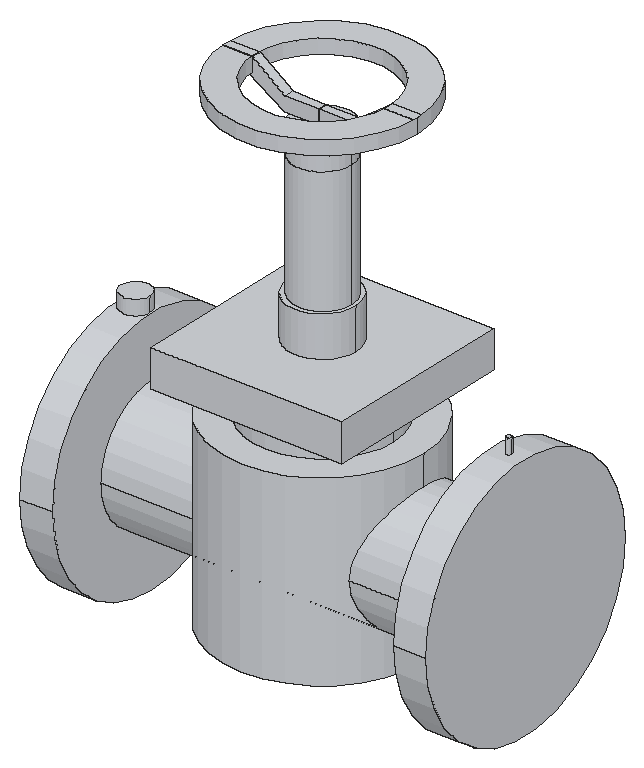
Revit family "Sigma_Compact_DN300-HF_PN16_RFA_2018", category Pipe Accessories, Revit 2018
Family settings
  Round Connector Dimension = Use Diameter
  Part Type = Valve - Breaks Into
  Work Plane-Based = No
  Always vertical = Yes
  Cut with Voids When Loaded = No
  Shared = No
Parameters (values of type "Sigma Compact DN 300 HF PN16")
  magiProductId = "f903017b03a74a7ebca8b59c0516bf"
  magiProductFamilyId = "01495da7eb234de3883c6bc9c8853e"
  magiPartTypeId = 304
  isMeasuringValve [instance] = no
  ang2D [instance] = 0.00°
  W2D = 50 mm
  VersionID = "2.0/2018.12.13.2/FRESE_SIGMA_C_BIG_Q13_001"
  Use Minimum Symbol Size [instance] = no
  URL = "www.hydronix.cz"
  Type Comments = "přírubový; PN16; max dp=800kPa; 0~+110°C; max uzavírací tlak 1MPa"
  R4 = 148.75 mm
  R3 = 135.2 mm
  R1 = 212.5 mm
  QmdConnectorList = "301;D;302;D"
  Productdata [instance] = ""
  Manufacturer = "Hydronix"
  Maintenance Zone Under Depth [instance] = 100 mm
  Maintenance Zone Right Depth [instance] = 100 mm
  Maintenance Zone Over Depth [instance] = 100 mm
  Maintenance Zone Left Depth [instance] = 100 mm
  Maintenance Zone Front Depth [instance] = 100 mm
  Maintenance Zone Back Depth [instance] = 100 mm
  Maintenance Zone Front Visibility [instance] = no
  MC Use Limits From Balancing Method = no
  MC Throttling Minimum Value = 0
  MC Throttling Maximum Value = 0
  MC Product Code = "53-2418 DN300; PN16; (245000-600000 l/h); kvs=717"
  MC Pressure Drop Minimum Value = 0.0 Pa
  MC Pressure Drop Maximum Value = 0.0 Pa
  MC Piping Given Pressure Drop [instance] = 0.0 Pa
  LF__ve = -LF  # -68 mm
  LF2 = 34 mm
  LF = 68 mm
  L432 = 69.912 mm
  L43 = 139.825 mm
  L42 = 199.75 mm
  L4 = 399.5 mm
  L3 = 714 mm
  L2D_Min = 30.48 mm
  L2D = 230 mm
  L2 = 425 mm
  HH12 = 29 mm
  HH1 = 58 mm
  HDF__ve = -HDF  # -424 mm
  HDF = 424 mm
  H6 = 85 mm
  H4 = 78 mm
  H3 = 65 mm
  H2 = 195 mm
  H11 = 390 mm
  H1 = 1082 mm
  H = 944 mm
  Description = "Automatický vyvažovací ventil"
  DF2 = 260 mm
  D = 300 mm
  Clearance Zone Height Depth [instance] = 100 mm
  Clearance Zone Circular Radius [instance] = 425 mm
  Clearance Zone Visibility [instance] = no
  CAT0 = yes
Types (9, lengths in mm): name | magiProductId | Type Comments | R4 | R3 | R1 | MC Product Code | LF__ve | LF2 | LF | L432 | L43 | L42 | L4 | L3 | L2 | HH12 | HH1 | HDF__ve | HDF | H4 | H3 | H2 | H11 | H1 | H | DF2 | D | Clearance Zone Circular Radius
  Sigma Compact DN 050 HF PN16 | "68e8ec0e285d475ea5c3f8787337ca" | "přírubový; PN16; max dp=800kPa; 0~+120°C; max uzavírací tlak 1MPa" | 40.25 | 42.9 | 57.5 | "53-2410 DN50; PN16; (3920-24000 l/h); kvs=34" | -18.4 | 9.2 | 18.4 | 18.917 | 37.835 | 54.05 | 108.1 | 193.2 | 115 | 16.5 | 33 | -202 | 202 | 24.75 | 20.625 | 61.875 | 123.75 | 480 | 367 | 82.5 | 50 | 115
  Sigma Compact DN 065 HF PN16 | "93d22af618bf47d6be13ef3bd41a97" | "přírubový; PN16; max dp=800kPa; 0~+120°C; max uzavírací tlak 1MPa" | 50.75 | 48.1 | 72.5 | "53-2411 DN65; PN16; (5950-35000 l/h); kvs=47" | -23.2 | 11.6 | 23.2 | 23.853 | 47.705 | 68.15 | 136.3 | 243.6 | 145 | 16.5 | 33 | -199 | 199 | 27.75 | 23.125 | 69.375 | 138.75 | 497 | 384 | 92.5 | 65 | 145
  Sigma Compact DN 080 HF PN16 | "30d16928369c437789493110503824" | "přírubový; PN16; max dp=800kPa; 0~+120°C; max uzavírací tlak 1MPa" | 54.25 | 52 | 77.5 | "53-2412 DN80; PN16; (7020-43000 l/h); kvs=61" | -24.8 | 12.4 | 24.8 | 25.497 | 50.995 | 72.85 | 145.7 | 260.4 | 155 | 16.5 | 33 | -213 | 213 | 30 | 25 | 75 | 150 | 526 | 413 | 100 | 80 | 155
  Sigma Compact DN 100 HF PN16 | "cbc2fc0a341c4a2b87b0bcbf79c376" | "přírubový; PN16; max dp=800kPa; 0~+120°C; max uzavírací tlak 1MPa" | 61.25 | 61.1 | 87.5 | "53-2413 DN100; PN16; (14800-90000 l/h); kvs=104" | -28 | 14 | 28 | 28.788 | 57.575 | 82.25 | 164.5 | 294 | 175 | 34 | 68 | -331 | 331 | 35.25 | 29.375 | 88.125 | 176.25 | 714 | 566 | 117.5 | 100 | 175
  Sigma Compact DN 125 HF PN16 | "02452206f7594718b3d97e4e693144" | "přírubový; PN16; max dp=800kPa; 0~+120°C; max uzavírací tlak 1MPa" | 70 | 70.2 | 100 | "53-2414 DN125; PN16; (23000-135000 l/h); kvs=185" | -32 | 16 | 32 | 32.9 | 65.8 | 94 | 188 | 336 | 200 | 36.5 | 73 | -338 | 338 | 40.5 | 33.75 | 101.25 | 202.5 | 761 | 608 | 135 | 125 | 200
  Sigma Compact DN 150 HF PN16 | "2e5d0064e2dd45fa818d7fb779c9a5" | "přírubový; PN16; max dp=800kPa; 0~+110°C; max uzavírací tlak 1MPa" | 84 | 74.1 | 120 | "53-2415 DN150; PN16; (32000-195000 l/h); kvs=242" | -38.4 | 19.2 | 38.4 | 39.48 | 78.96 | 112.8 | 225.6 | 403.2 | 240 | 13 | 26 | -391 | 391 | 42.75 | 35.625 | 106.875 | 213.75 | 782 | 676 | 142.5 | 150 | 240
  Sigma Compact DN 200 HF PN16 | "9690c155034b41f3a54554dedb5edf" | "přírubový; PN16; max dp=800kPa; 0~+110°C; max uzavírací tlak 1MPa" | 105 | 98.8 | 150 | "53-2416 DN200; PN16; (130000-280000 l/h); kvs=317" | -48 | 24 | 48 | 49.35 | 98.7 | 141 | 282 | 504 | 300 | 29.5 | 59 | -334 | 334 | 57 | 47.5 | 142.5 | 285 | 853 | 714 | 190 | 200 | 300
  Sigma Compact DN 250 HF PN16 | "baee3668eb0d4f168225ec1ed946f7" | "přírubový; PN16; max dp=800kPa; 0~+110°C; max uzavírací tlak 1MPa" | 127.75 | 115.44 | 182.5 | "53-2417 DN250; PN16; (245000-600000 l/h); kvs=717" | -58.4 | 29.2 | 58.4 | 60.042 | 120.085 | 171.55 | 343.1 | 613.2 | 365 | 29 | 58 | -462 | 462 | 66.6 | 55.5 | 166.5 | 333 | 1044 | 906 | 222 | 250 | 365
  Sigma Compact DN 300 HF PN16 | "f903017b03a74a7ebca8b59c0516bf" | "přírubový; PN16; max dp=800kPa; 0~+110°C; max uzavírací tlak 1MPa" | 148.75 | 135.2 | 212.5 | "53-2418 DN300; PN16; (245000-600000 l/h); kvs=717" | -68 | 34 | 68 | 69.912 | 139.825 | 199.75 | 399.5 | 714 | 425 | 29 | 58 | -424 | 424 | 78 | 65 | 195 | 390 | 1082 | 944 | 260 | 300 | 425
Reference planes
  plane 1 "Center (Front/Back)": y = 0
  plane 2 "XYPLANE": z = 0
  plane 3 "Center (Left/Right)": x = 0
  plane 4 "298": y = -360
  plane 5 "297": y = 360
  plane 6 "296": y = -260
  plane 7 "295": y = 260
  plane 8 "294": z = -360
  plane 9 "293": z = 922
  plane 10 "292": x = -525
  plane 11 "291": x = 525
  plane 12 "290": z = 922
  plane 13 "256": y = -20
  plane 14 "254": z = 703
  plane 15 "253": z = 713
  plane 16 "252": x = -40
  plane 17 "251": x = -30
  plane 18 "250": x = 40
  plane 19 "249": x = 30
  plane 20 "247": z = 423
  plane 21 "244": z = 684
  plane 22 "243": x = 199.75
  plane 23 "242": x = 139.825
  plane 24 "241": x = 69.912
  plane 25 "240": y = -10
  plane 26 "238": x = -69.912
  plane 27 "237": x = -139.825
  plane 28 "236": z = 742
  plane 29 "235": z = 772
  plane 30 "234": x = -199.75
  plane 31 "225": z = 822
  plane 32 "224": z = -260
  plane 33 "157": x = 391
  plane 34 "156": x = -391
  plane 35 "155": z = 260
  plane 36 "154": z = 338
  plane 37 "153": z = 260
  plane 38 "152": z = 195
  plane 39 "151": x = -357
  plane 40 "150": z = -195
  plane 41 "149": x = 0
  plane 42 "148": y = 0
  plane 43 "147": z = 0
  plane 44 "146": x = -425
  plane 45 "145": x = 425
Forms (mm)
  Blend 1, solid, visible <- "Maintenance Zone Front Visibility"
    base sketch origin (-750, 0, 922) x (1, 0, 0) y (0, 1, 0)
      loop
        line (225, 360) -> (225, -360) -> (1275, -360) -> (1275, 360) -> (225, 360)
    top sketch origin (-750, 0, 922) x (1, 0, 0) y (0, 1, 0)
      loop
        line (225, 360) -> (225, -360) -> (1275, -360) -> (1275, 360) -> (225, 360)
    from 0 to -1282
  Blend 2, solid, visible <- "Clearance Zone Visibility"
    base sketch origin (-750, 0, 0) x (1, 0, 0) y (0, 1, 0)
      loop
        circle (750, 0) r 425
    top sketch origin (-750, 0, 0) x (1, 0, 0) y (0, 1, 0)
      loop
        circle (750, 0) r 425
    from 0 to 922
  Extrusion 3, solid
    sketch origin (-750, 0, 684) x (1, 0, 0) y (0, 1, 0)
      loop
        circle (750, 0) r 60.995
    from 0 to -424 <- "HDF__ve"
  Extrusion 4, solid
    sketch origin (-750, 0, 423) x (1, 0, 0) y (0, 1, 0)
      loop
        line (780, 20) -> (720, 20) -> (720, -20) -> (780, -20) -> (780, 20)
    from 0 to 25
  Extrusion 5, solid
    sketch origin (750, -20, 0) x (-1, 0, 0) y (0, 0, 1)
      loop
        line (790, 423) -> (790, 713) -> (710, 713) -> (710, 423) -> (720, 423) -> (720, 703) -> (780, 703) -> (780, 423) -> (790, 423)
    from 0 to 40
  Extrusion 6, solid
    sketch origin (-750, 0, 423) x (1, 0, 0) y (0, 1, 0)
      loop
        circle (750, 0) r 25
    from 0 to 30
  Extrusion 7, solid
    sketch origin (750, -10, 0) x (-1, 0, 0) y (0, 0, 1)
      loop
        line (889.825, 822) -> (819.912, 772) -> (750, 772) -> (750, 742) -> (819.912, 742) -> (949.75, 822) -> (889.825, 822)
    from 0 to 20
  Extrusion 8, solid
    sketch origin (750, -10, 0) x (-1, 0, 0) y (0, 0, 1)
      loop
        line (610.175, 822) -> (550.25, 822) -> (680.088, 742) -> (750, 742) -> (750, 772) -> (680.088, 772) -> (610.175, 822)
    from 0 to 20
  Extrusion 9, solid
    sketch origin (-750, 0, 684) x (1, 0, 0) y (0, 1, 0)
      loop
        circle (750, 0) r 60.995
    from 0 to 58 <- "HH1"
  Extrusion 10, solid
    sketch origin (-750, 0, 822) x (1, 0, 0) y (0, 1, 0)
      loop
        circle (750, 0) r 199.75
      loop
        circle (750, 0) r 139.825
    from 0 to -30
  Extrusion 11, solid, visible <- "CAT0"
    sketch origin (-750, 0, 260) x (1, 0, 0) y (0, 1, 0)
      loop
        circle (1141, 0) r 5.5
    from 0 to 30
  Extrusion 12, solid, visible <- "CAT0"
    sketch origin (-750, 0, 260) x (1, 0, 0) y (0, 1, 0)
      loop
        circle (359, 0) r 30.3
    from 0 to 30
  Extrusion 13, solid, visible <- "CAT0"
    sketch origin (-750, 0, 338) x (1, 0, 0) y (0, 1, 0)
      loop
        circle (750, 0) r 70.995
    from 0 to 85 <- "H6"
  Extrusion 14, solid, visible <- "CAT0"
    sketch origin (-750, 0, 260) x (1, 0, 0) y (0, 1, 0)
      loop
        line (949.75, 199.75) -> (550.25, 199.75) -> (550.25, -199.75) -> (949.75, -199.75) -> (949.75, 199.75)
    from 0 to 78 <- "H4"
  Extrusion 15, solid, visible <- "CAT0"
    sketch origin (-750, 0, 195) x (1, 0, 0) y (0, 1, 0)
      loop
        circle (750, 0) r 148.75
    from 0 to 65 <- "H3"
  Extrusion 16, solid, visible <- "CAT0"
    sketch origin (-357, -750, 0) x (0, 1, 0) y (0, 0, 1)
      loop
        circle (750, 0) r 135.2
    from 0 to 714 <- "L3"
  Extrusion 17, solid, visible <- "CAT0"
    sketch origin (-750, 0, -195) x (1, 0, 0) y (0, 1, 0)
      loop
        circle (750, 0) r 212.5
    from 0 to 390 <- "H11"
  Extrusion 18, solid, visible <- "CAT0"
    sketch origin (-425, -750, 0) x (0, 1, 0) y (0, 0, 1)
      loop
        circle (750, 0) r 260
    from 0 to 68 <- "LF"
  Extrusion 19, solid, visible <- "CAT0"
    sketch origin (425, -750, 0) x (0, 1, 0) y (0, 0, 1)
      loop
        circle (750, 0) r 260
    from 0 to -68 <- "LF__ve"
  Extrusion 20, solid, not visible
    sketch origin (-425, -750, 0) x (0, 1, 0) y (0, 0, 1)
      loop
        circle (750, 0) r 10
    from 0 to 10
  Extrusion 21, solid, not visible
    sketch origin (425, -750, 0) x (0, 1, 0) y (0, 0, 1)
      loop
        circle (750, 0) r 10
    from 0 to -10
Lines and regions (mm)
  reference lines, not visible
    curve 1: circle (2, 2, 0) r 1 normal (0, 0, 1)
  reference lines
    curve 2: circle (0, 0, 260) r 1 normal (0, 0, 1)
Dimensions and locks
  plane 1 "Center (Front/Back)" to curve 1 = 2 mm
  "Maintenance Zone Front Depth": plane 6 "296" to plane 4 "298"
  "Maintenance Zone Back Depth": plane 7 "295" to plane 5 "297"
  "DF2": plane 42 "148" to plane 6 "296"
  "DF2": plane 42 "148" to plane 7 "295"
  "Maintenance Zone Under Depth": plane 32 "224" to plane 8 "294"
  "Maintenance Zone Over Depth": plane 31 "225" to plane 9 "293"
  "Maintenance Zone Left Depth": plane 44 "146" to plane 10 "292"
  "Maintenance Zone Right Depth": plane 45 "145" to plane 11 "291"
  "Clearance Zone Height Depth": plane 31 "225" to plane 12 "290"
  locked: plane 25 "240" to plane 13 "256" at 10
  locked: plane 15 "253" to plane 14 "254" at 10
  "HH12": plane 21 "244" to plane 15 "253"
  locked: plane 17 "251" to plane 16 "252" at 10
  locked: plane 41 "149" to plane 17 "251" at 30
  locked: plane 19 "249" to plane 18 "250" at 10
  locked: plane 41 "149" to plane 19 "249" at 30
  "H6": plane 36 "154" to plane 20 "247"
  "H": plane 32 "224" to plane 21 "244"
  "L42": plane 41 "149" to plane 22 "243"
  "L43": plane 41 "149" to plane 23 "242"
  "L432": plane 41 "149" to plane 24 "241"
  locked: plane 42 "148" to plane 25 "240" at 10
  "L432": plane 41 "149" to plane 26 "238"
  "L43": plane 41 "149" to plane 27 "237"
  locked: plane 29 "235" to plane 28 "236" at 30
  locked: plane 31 "225" to plane 29 "235" at 50
  "L42": plane 41 "149" to plane 30 "234"
  "H1": plane 32 "224" to plane 31 "225"
  "DF2": plane 2 "XYPLANE" to plane 32 "224"
  "LF2": plane 45 "145" to plane 33 "157"
  "LF2": plane 44 "146" to plane 34 "156"
  "DF2": plane 2 "XYPLANE" to plane 35 "155"
  "H4": plane 37 "153" to plane 36 "154"
  "H3": plane 38 "152" to plane 37 "153"
  "H11": plane 40 "150" to plane 38 "152"
  "LF": plane 44 "146" to plane 39 "151"
  "H2": plane 2 "XYPLANE" to plane 40 "150"
  locked: plane 3 "Center (Left/Right)" to plane 41 "149"
  locked: plane 1 "Center (Front/Back)" to plane 42 "148"
  locked: plane 2 "XYPLANE" to plane 43 "147"
  "L2": plane 3 "Center (Left/Right)" to plane 44 "146"
  "L2": plane 3 "Center (Left/Right)" to plane 45 "145"
  Blend 1 sketch curve to Blend 1 sketch curve = 0 mm  (x16)
  Extrusion 4 sketch curve to Extrusion 4 sketch curve = 0 mm  (x8)
  Extrusion 5 sketch curve to Extrusion 5 sketch curve = 0 mm  (x16)
  Extrusion 7 sketch curve to Extrusion 7 sketch curve = 0 mm  (x12)
  Extrusion 8 sketch curve to Extrusion 8 sketch curve = 0 mm  (x12)
  equal spacing: Extrusion 14 sketch curve, curve 2, Extrusion 14 sketch curve  (x2)
  "L4": Extrusion 14 sketch curve to Extrusion 14 sketch curve  (x2)
  Extrusion 14 sketch curve to Extrusion 14 sketch curve = 0 mm  (x8)
  "Clearance Zone Circular Radius": radius of Blend 2 sketch curve  (x2)
  "L42": radius of Extrusion 10 sketch curve
  "L43": radius of Extrusion 10 sketch curve
  "R4": radius of Extrusion 15 sketch curve
  "R3": radius of Extrusion 16 sketch curve
  "R1": radius of Extrusion 17 sketch curve
  "DF2": radius of Extrusion 18 sketch curve
  "DF2": radius of Extrusion 19 sketch curve
  aligned and locked: level to plane 2 "XYPLANE"
  aligned and locked: Blend 1 sketch curve to plane 5 "297"  (x2)
  aligned and locked: plane 10 "292" to Blend 1 sketch curve  (x4)
  aligned and locked: plane 11 "291" to Blend 1 sketch curve  (x4)
  aligned and locked: plane 5 "297" to Blend 1 sketch curve  (x2)
  aligned and locked: plane 4 "298" to Blend 1 sketch curve  (x4)
  aligned and locked: Blend 1 to plane 8 "294"
  aligned and locked: plane 41 "149" to Blend 2 sketch curve  (x2)
  aligned and locked: plane 42 "148" to Blend 2 sketch curve  (x2)
  aligned and locked: plane 12 "290" to Blend 2
  aligned and locked: plane 41 "149" to Extrusion 3 sketch curve
  aligned and locked: plane 42 "148" to Extrusion 3 sketch curve
  aligned and locked: Extrusion 5 sketch curve to plane 16 "252"
  aligned and locked: plane 20 "247" to Extrusion 5 sketch curve  (x4)
  aligned and locked: plane 15 "253" to Extrusion 5 sketch curve  (x2)
  aligned and locked: plane 16 "252" to Extrusion 5 sketch curve
  aligned and locked: plane 18 "250" to Extrusion 5 sketch curve  (x2)
  aligned and locked: plane 19 "249" to Extrusion 5 sketch curve  (x2)
  aligned and locked: plane 14 "254" to Extrusion 5 sketch curve  (x2)
  aligned and locked: plane 17 "251" to Extrusion 5 sketch curve  (x2)
  aligned and locked: plane 41 "149" to Extrusion 6 sketch curve
  aligned and locked: plane 42 "148" to Extrusion 6 sketch curve
  aligned and locked: plane 27 "237" to Extrusion 7 sketch curve
  aligned and locked: plane 31 "225" to Extrusion 7 sketch curve  (x2)
  aligned and locked: plane 26 "238" to Extrusion 7 sketch curve  (x2)
  aligned and locked: plane 29 "235" to Extrusion 7 sketch curve  (x2)
  aligned and locked: plane 41 "149" to Extrusion 7 sketch curve  (x2)
  aligned and locked: plane 28 "236" to Extrusion 7 sketch curve  (x2)
  aligned and locked: plane 30 "234" to Extrusion 7 sketch curve
  aligned and locked: plane 23 "242" to Extrusion 8 sketch curve
  aligned and locked: plane 31 "225" to Extrusion 8 sketch curve  (x2)
  aligned and locked: plane 24 "241" to Extrusion 8 sketch curve  (x2)
  aligned and locked: plane 29 "235" to Extrusion 8 sketch curve  (x2)
  aligned and locked: plane 41 "149" to Extrusion 8 sketch curve  (x2)
  aligned and locked: plane 28 "236" to Extrusion 8 sketch curve  (x2)
  aligned and locked: plane 22 "243" to Extrusion 8 sketch curve
  aligned and locked: plane 41 "149" to Extrusion 9 sketch curve
  aligned and locked: plane 42 "148" to Extrusion 9 sketch curve
  aligned and locked: plane 41 "149" to Extrusion 10 sketch curve  (x2)
  aligned and locked: plane 42 "148" to Extrusion 10 sketch curve  (x2)
  aligned and locked: plane 33 "157" to Extrusion 11 sketch curve
  aligned and locked: plane 42 "148" to Extrusion 11 sketch curve
  aligned and locked: plane 34 "156" to Extrusion 12 sketch curve
  aligned and locked: plane 42 "148" to Extrusion 12 sketch curve
  aligned and locked: plane 41 "149" to Extrusion 13 sketch curve
  aligned and locked: plane 42 "148" to Extrusion 13 sketch curve
  aligned and locked: plane 41 "149" to curve 2
  aligned and locked: plane 42 "148" to curve 2
  aligned and locked: plane 41 "149" to Extrusion 15 sketch curve
  aligned and locked: plane 42 "148" to Extrusion 15 sketch curve
  aligned and locked: Extrusion 16 sketch curve to plane 42 "148"
  aligned and locked: plane 43 "147" to Extrusion 16 sketch curve
  aligned and locked: plane 41 "149" to Extrusion 17 sketch curve
  aligned and locked: plane 42 "148" to Extrusion 17 sketch curve
  aligned and locked: Extrusion 18 sketch curve to plane 42 "148"
  aligned and locked: plane 43 "147" to Extrusion 18 sketch curve
  aligned and locked: Extrusion 19 sketch curve to plane 42 "148"
  aligned and locked: plane 43 "147" to Extrusion 19 sketch curve
  aligned and locked: Extrusion 20 sketch curve to plane 42 "148"
  aligned and locked: plane 43 "147" to Extrusion 20 sketch curve
  aligned and locked: Extrusion 21 sketch curve to plane 42 "148"
  aligned and locked: plane 43 "147" to Extrusion 21 sketch curve
Automatic sketch dimensions
  plane 26 "238" to Extrusion 3 sketch curve = 8.917 mm
  Extrusion 4 sketch curve to plane 17 "251" = 0 mm
  Extrusion 4 sketch curve to plane 13 "256" = 0 mm
  Extrusion 4 sketch curve to plane 19 "249" = 0 mm
  Extrusion 4 sketch curve to plane 1 "Center (Front/Back)" = 20 mm
  plane 17 "251" to Extrusion 6 sketch curve = 5 mm
  plane 26 "238" to Extrusion 9 sketch curve = 8.917 mm
  Extrusion 11 sketch curve to plane 33 "157" = 5.5 mm
  plane 44 "146" to Extrusion 12 sketch curve = 3.7 mm
  Extrusion 13 sketch curve to plane 26 "238" = 1.083 mm
  Extrusion 20 sketch curve to plane 25 "240" = 0 mm
  Extrusion 21 sketch curve to plane 25 "240" = 0 mm
  plane 3 "Center (Left/Right)" to curve 1 = 2 mm
  Extrusion 14 sketch curve to plane 30 "234" = 0 mm
  plane 6 "296" to Extrusion 14 sketch curve = 60.25 mm
  radius of curve 2 = 1 mm
  radius of curve 1 = 1 mm
Connectors
  piping at (-425, 0, 0), diameter 300, driven by "D"
    settings: on Extrusion 20, index 1, connector inside diameter 609.6 mm, connector length 0 mm, flow factor 0, pipe flow 0.0 L/s, pressure drop 0.0 Pa, fitting loss kfactor 0, connector angle 0.00°, fixture units 0, engagement length 0 mm, angle of deflection 0.00°, flow configuration 0, flow direction 0, fitting loss method 0, system type 29, joint type 0, gender type 0, connector reference index 2, connector utility 0, adjustable connector no, is connector primary yes, connector description ""
  piping at (425, 0, 0), diameter 300, driven by "D"
    settings: on Extrusion 21, index 2, connector inside diameter 609.6 mm, connector length 0 mm, flow factor 0, pipe flow 0.0 L/s, pressure drop 0.0 Pa, fitting loss kfactor 0, connector angle 0.00°, fixture units 0, engagement length 0 mm, angle of deflection 0.00°, flow configuration 0, flow direction 0, fitting loss method 0, system type 29, joint type 0, gender type 0, connector reference index 1, connector utility 0, adjustable connector no, is connector primary no, connector description ""
